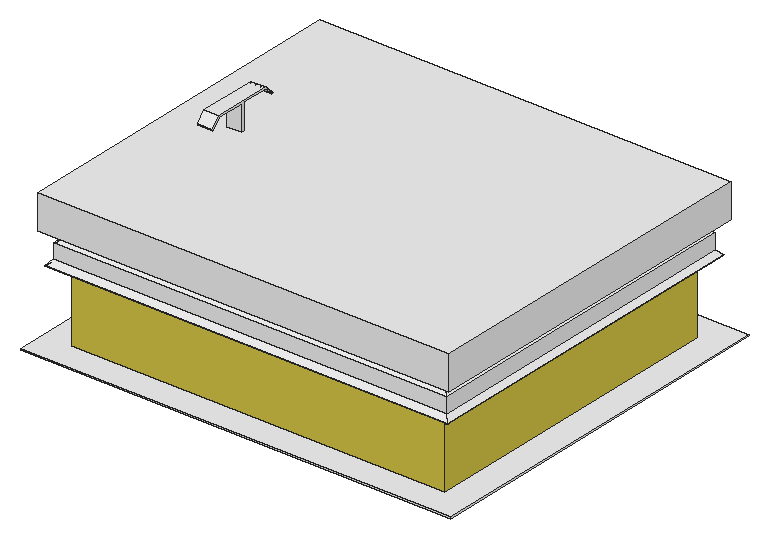
Revit family "Construction_Stairs-Precision_Ladders-Roof_Hatch-V1", category Specialty Equipment, host Face, Revit 2019
Family settings
  Host = Face
  Round Connector Dimension = Use Diameter
  Part Type = Normal
  OmniClass Number = 23.30.10.27.24
  OmniClass Title = Roof Hatches
  Cut with Voids When Loaded = Yes
  Shared = No
  Room Calculation Point = No
Parameters (values of type "PH-(A) 2’-6” X 3’-0”")
  URL = "http://www.precisionladders.com"
  Product data url = "https://www.bimobject.com/precision_ladders_llc/product/roof-hatches"
  Product Page URL = "http://www.precisionladders.com/products/roof-hatches"
  Opening Width Real = if(Clear Opening Width > Clear Opening Width MAX, Clear Opening Width MAX, if(Clear Opening Width < Clear Opening Width MIN, Clear Opening Width MIN, Clear Opening Width))  # 30"
  Opening Length Real = if(Clear Opening Length > Clear Opening Length MAX, Clear Opening Length MAX, if(Clear Opening Length < Clear Opening Length MIN, Clear Opening Length MIN, Clear Opening Length))  # 36"
  Model Number = "PH-(A) 2’-6” X 3’-0”"
  Model = "Roof Hatches"  # constant formula
  Material = Metal - Precision Ladders LLC - Aluminum - Mill Finish
  Manufacturer = "Precision Ladders, LLC"
  Insulation Material = Insulation -Precision Ladders LLC - Rigid Fiber
  Hatch Offset [instance] = 0"
  Handle on Short Side = if(Clear Opening Length < 48", 1 < 2, 1 > 2)  # yes
  Handle on Long Side = not(Handle on Short Side)  # no
  Description = "Roof Hatch"  # constant formula
  Default Elevation = 0"
  Clear Opening Width MIN = 30"  # constant formula
  Clear Opening Width MAX = 48"  # constant formula
  Clear Opening Width = 30"
  Clear Opening Length MIN = 36"  # constant formula
  Clear Opening Length MAX = 96"  # constant formula
  Clear Opening Length = 36"
Types (11): name | Opening Length Real | Model Number | Material | Handle on Short Side | Handle on Long Side | Clear Opening Length
  (no name) | 36" | "PH-(A) 2’-6” X 3’-0”" | Metal - Precision Ladders LLC - Aluminum - Mill Finish | yes | no | 36"
  PH-(A) 2’-6” X 3’-0” | 36" | "PH-(A) 2’-6” X 3’-0”" | Metal - Precision Ladders LLC - Aluminum - Mill Finish | yes | no | 36"
  PH-(A) 2’-6” X 4’-6” | 54" | "PH-(A) 2’-6” X 4’-6”" | Metal - Precision Ladders LLC - Aluminum - Mill Finish | no | yes | 54"
  PH-(A) 2’-6” X 5’-4” | 64" | "PH-(A) 2’-6” X 5’-4”" | Metal - Precision Ladders LLC - Aluminum - Mill Finish | no | yes | 64"
  PH-(A) 2’-6” X 6’-0” | 72" | "PH-(A) 2’-6” X 6’-0”" | Metal - Precision Ladders LLC - Aluminum - Mill Finish | no | yes | 72"
  PH-(G) 2’-6” X 6’-0” | 72" | "PH-(G) 2’-6” X 6’-0”" | Metal - Precision Ladders LLC - Steel - Galvanized red oxide | no | yes | 72"
  PH-(G) 2’-6” X 5’-4” | 64" | "PH-(G) 2’-6” X 5’-4”" | Metal - Precision Ladders LLC - Steel - Galvanized red oxide | no | yes | 64"
  PH-(G) 2’-6” X 4’-6” | 54" | "PH-(G) 2’-6” X 4’-6”" | Metal - Precision Ladders LLC - Steel - Galvanized red oxide | no | yes | 54"
  PH-(A) Custom Size | 96" | "PH-(A) Custom Size" | Metal - Precision Ladders LLC - Aluminum - Mill Finish | no | yes | 96"
  PH-(G) Custom Size | 96" | "PH-(G) Custom Size" | Metal - Precision Ladders LLC - Steel - Galvanized red oxide | no | yes | 96"
  PH-(G) 2’-6” X 3’-0” | 36" | "PH-(G) 2’-6” X 3’-0”" | Metal - Precision Ladders LLC - Steel - Galvanized red oxide | yes | no | 36"
Reference planes (in)
  plane 1 "Center (Front/Back)": y = 0
  plane 2: z = 0
  plane 3 "Center (Left/Right)": x = 0
  plane 4: x = -18
  plane 5: x = 18
  plane 6: y = 15
  plane 7: y = -15
  plane 8: z = 12
  plane 9: z = 14.25
  plane 10: z = 13.10937
  plane 11: x = -16
  plane 12: x = -14.5
  plane 13: z = 0
  plane 14: y = -13
  plane 15: y = -11.5
Forms (in)
  Extrusion 1, solid, material "Metal - Precision Ladders LLC - Aluminum - Mill Finish" <- "Material"
    sketch origin (0, 0, 0) x (1, 0, 0) y (0, 1, 0)
      loop
        line (-21, 18) -> (-21, -18) -> (21, -18) -> (21, 18) -> (-21, 18)
    from 13.10937 to 14.25
  Sweep 2, solid, material "Metal - Precision Ladders LLC - Aluminum - Mill Finish" <- "Material"
    path in 3D
      loop
        line (-21, 18, 13.10937) -> (21, 18, 13.10937) -> (21, -18, 13.10937) -> (-21, -18, 13.10937) -> (-21, 18, 13.10937)
    profile origin (-21, 0, 13.10937) x (1, 0, 0) y (0, 0, -1)
      loop
        line (0, 0) -> (0.09375, 0) -> (0.09375, 2.18192) -> (0.38903, 2.01144) -> (0.4359, 2.09263) -> (0, 2.3443) -> (0, 0)
  Extrusion 3, solid, material "Metal - Precision Ladders LLC - Aluminum - Mill Finish" <- "Material", visible <- "Handle on Short Side"
    sketch origin (0, 0, 0) x (0, 1, 0) y (0, 0, 1)
      loop
        line (3, 17) -> (-3, 17) -> (-3.88388, 16.11612) -> (-3.7955, 16.02773) -> (-2.94822, 16.875) -> (-0.125, 16.875) -> (-0.125, 14.25) -> (0.125, 14.25) -> (0.125, 16.875) -> (2.94822, 16.875) -> (3.7955, 16.02773) -> (3.88388, 16.11612) -> (3, 17)
    from -16 to -14.5
  Sweep 4, solid, material "Metal - Precision Ladders LLC - Aluminum - Mill Finish" <- "Material"
    path origin (-30.36901, -180, 0) x (-1, 0, 0) y (0, -1, 0)
      loop
        line (-12.36901, -195) -> (-12.36901, -165) -> (-48.36901, -165) -> (-48.36901, -195) -> (-12.36901, -195)
    profile origin (-18, 0, 0) x (1, 0, 0) y (0, 0, 1)
      loop
        line (0, 0) -> (0, 12) -> (-1.625, 12) -> (-1.625, 10.05714) -> (-2.09283, 9.58931) -> (-2.09283, 8.10761) -> (-2.63415, 7.56629) -> (-2.56786, 7.5) -> (-1.99908, 8.06878) -> (-1.99908, 9.55048) -> (-1.53125, 10.01831) -> (-1.53125, 11.90625) -> (-0.09375, 11.90625) -> (-0.09375, 0.09375) -> (-4, 0.09375) -> (-4, 0) -> (0, 0)
  Sweep 5, solid, material "Insulation -Precision Ladders LLC - Rigid Fiber" <- "Insulation Material"
    path origin (-30.36901, -180, 0) x (-1, 0, 0) y (0, -1, 0)
      loop
        line (-12.36901, -195) -> (-12.36901, -165) -> (-48.36901, -165) -> (-48.36901, -195) -> (-12.36901, -195)
    profile origin (-18, 0, 0) x (1, 0, 0) y (0, 0, 1)
      loop
        line (-0.09375, 0.09375) -> (-0.09375, 10.59375) -> (-1.09375, 10.59375) -> (-1.09375, 0.09375) -> (-0.09375, 0.09375)
  Extrusion 6, void
    sketch origin (-30.36901, -180, 0) x (-1, 0, 0) y (0, -1, 0)
      loop
        line (-12.36901, -195) -> (-12.36901, -165) -> (-48.36901, -165) -> (-48.36901, -195) -> (-12.36901, -195)
    from -35.03999 to 19.55901
  Extrusion 7, solid, material "Metal - Precision Ladders LLC - Aluminum - Mill Finish" <- "Material", visible <- "Handle on Long Side"
    sketch origin (0, 0, 0) x (1, 0, 0) y (0, 0, 1)
      loop
        line (-3, 17) -> (-3.88388, 16.11612) -> (-3.7955, 16.02773) -> (-2.94822, 16.875) -> (-0.125, 16.875) -> (-0.125, 14.25) -> (0.125, 14.25) -> (0.125, 16.875) -> (2.94822, 16.875) -> (3.7955, 16.02773) -> (3.88388, 16.11612) -> (3, 17) -> (-3, 17)
    from 11.5 to 13
Cuts and joins
  joined: Extrusion 1, Sweep 2
Lines and regions (in)
  Masking region 1
    outline origin (-30.36901, -180, 0) x (-1, 0, 0) y (0, -1, 0)
      loop
        line (-8.36901, -199) -> (-8.36901, -161) -> (-52.36901, -161) -> (-52.36901, -199) -> (-8.36901, -199)
  Masking region 2, visible <- "Handle on Short Side"
    outline origin (-30.36901, -180, 0) x (-1, 0, 0) y (0, -1, 0)
      loop
        line (-14.36901, -183.88388) -> (-14.36901, -176.11612) -> (-15.86901, -176.11612) -> (-15.86901, -183.88388) -> (-14.36901, -183.88388)
  Masking region 3
    outline origin (-30.36901, -180, 0) x (-1, 0, 0) y (0, -1, 0)
      loop
        line (-9.36901, -198) -> (-9.36901, -162) -> (-51.36901, -162) -> (-51.36901, -198) -> (-9.36901, -198)
  Masking region 4, visible <- "Handle on Long Side"
    outline origin (-30.36901, -180, 0) x (-1, 0, 0) y (0, -1, 0)
      loop
        line (-26.48513, -168.5) -> (-26.48513, -167) -> (-34.25289, -167) -> (-34.25289, -168.5) -> (-26.48513, -168.5)
  sketch lines
    curve 1: line (-21, -18, 13.10937) -> (-21, 18, 13.10937)
    curve 2: line (-21, 18, 13.10937) -> (21, 18, 13.10937)
    curve 3: line (21, 18, 13.10937) -> (21, -18, 13.10937)
    curve 4: line (21, -18, 13.10937) -> (-21, -18, 13.10937)
Dimensions and locks (in)
  "Opening Length Real": plane 4 to plane 5
  equal spacing: plane 4, plane 3 "Center (Left/Right)", plane 5
  equal spacing: plane 6, plane 1 "Center (Front/Back)", plane 7
  "Opening Width Real": plane 6 to plane 7
  locked: Extrusion 1 sketch curve to plane 4 at 3
  locked: plane 7 to Extrusion 1 sketch curve at 3
  locked: Extrusion 1 sketch curve to plane 6 at 3
  locked: plane 5 to Extrusion 1 sketch curve at 3
  locked: plane 9 to plane 8 at 2.25
  locked: plane 9 to plane 10 at 1.14062
  locked: plane 4 to plane 11 at 2
  locked: plane 11 to plane 12 at 1.5
  locked: plane 8 to plane 13 at 12
  "Hatch Offset": level to plane 13
  locked: plane 14 to plane 7 at 2
  locked: plane 15 to plane 14 at 1.5
  aligned and locked: host face to plane 2
  aligned and locked: host face to level
  aligned and locked: Extrusion 1 to plane 10
  aligned and locked: plane 9 to Extrusion 1
  aligned and locked: Extrusion 3 to plane 11
  aligned and locked: plane 12 to Extrusion 3
  aligned and locked: Sweep 4 sketch curve to plane 4
  aligned and locked: Sweep 4 sketch curve to plane 6
  aligned and locked: Sweep 4 sketch curve to plane 5
  aligned and locked: Sweep 4 sketch curve to plane 7
  aligned and locked: Sweep 5 sketch curve to plane 4
  aligned and locked: Sweep 5 sketch curve to plane 6
  aligned and locked: Sweep 5 sketch curve to plane 5
  aligned and locked: Sweep 5 sketch curve to plane 7
  aligned and locked: plane 4 to Extrusion 6 sketch curve
  aligned and locked: Extrusion 6 sketch curve to plane 6
  aligned and locked: Extrusion 6 sketch curve to plane 5
  aligned and locked: plane 7 to Extrusion 6 sketch curve
  aligned and locked: Masking region 1 sketch curve to Sweep 4  (x4)
  aligned and locked: Masking region 2 sketch curve to Extrusion 3  (x4)
  aligned and locked: Masking region 3 sketch curve to cut or joined group of Extrusion 1, Sweep 2  (x4)
  aligned and locked: Extrusion 7 to plane 14
  aligned and locked: plane 15 to Extrusion 7
  aligned and locked: Masking region 4 sketch curve to Extrusion 7  (x4)
Automatic sketch dimensions
  host sketch curve to host sketch curve = 126.89321"
  host sketch curve to host sketch curve = 96"
  profile plane to Sweep 2 sketch curve = 0"
  Sweep 2 sketch curve to profile plane = 0"
  Sweep 2 sketch curve to profile plane = 3/32"
  Sweep 2 sketch curve to Sweep 2 sketch curve = 0.29528"
  Sweep 2 sketch curve to Sweep 2 sketch curve = 3/64"
  profile plane to Sweep 2 sketch curve = 2.01144"
  Sweep 2 sketch curve to Sweep 2 sketch curve = 0.08119"
  plane 1 "Center (Front/Back)" to Extrusion 3 sketch curve = 3.88388"
  Extrusion 3 sketch curve to Extrusion 3 sketch curve = 0.08839"  (x3)
  Extrusion 3 sketch curve to Extrusion 3 sketch curve = 0.88388"
  Extrusion 3 sketch curve to Extrusion 3 sketch curve = 0.05178"  (x2)
  plane 1 "Center (Front/Back)" to Extrusion 3 sketch curve = 1/8"
  Extrusion 3 sketch curve to Extrusion 3 sketch curve = 1/4"
  Extrusion 3 sketch curve to Extrusion 3 sketch curve = 2.82322"
  Extrusion 3 sketch curve to Extrusion 3 sketch curve = 0.84727"
  plane 9 to Extrusion 3 sketch curve = 0"
  plane 9 to Extrusion 3 sketch curve = 1.77773"  (x2)
  plane 13 to Sweep 4 sketch curve = 0"
  profile plane to Sweep 4 sketch curve = 4"
  Sweep 4 sketch curve to Sweep 4 sketch curve = 1.36585"
  Sweep 4 sketch curve to Sweep 4 sketch curve = 0.06629"  (x2)
  Sweep 4 sketch curve to Sweep 4 sketch curve = 0.54132"
  Sweep 4 sketch curve to Sweep 4 sketch curve = 3/32"  (x4)
  Sweep 4 sketch curve to Sweep 4 sketch curve = 0.37408"
  plane 13 to Sweep 4 sketch curve = 3/32"
  Sweep 4 sketch curve to Sweep 4 sketch curve = 3 29/32"
  Sweep 4 sketch curve to Sweep 4 sketch curve = 7 13/32"
  Sweep 4 sketch curve to Sweep 4 sketch curve = 1.44286"
  Sweep 4 sketch curve to Sweep 4 sketch curve = 0.03883"  (x2)
  Sweep 4 sketch curve to Sweep 4 sketch curve = 0.46783"
  Sweep 4 sketch curve to Sweep 4 sketch curve = 1.88794"
  plane 13 to Sweep 5 sketch curve = 3/32"
  profile plane to Sweep 5 sketch curve = 1 3/32"
  Sweep 5 sketch curve to Sweep 5 sketch curve = 1"
  Sweep 5 sketch curve to Sweep 5 sketch curve = 10 1/2"
  Extrusion 7 sketch curve to plane 3 "Center (Left/Right)" = 3.88388"
  Extrusion 7 sketch curve to Extrusion 7 sketch curve = 0.08839"  (x3)
  Extrusion 7 sketch curve to Extrusion 7 sketch curve = 0.88388"
  Extrusion 7 sketch curve to Extrusion 7 sketch curve = 0.05178"  (x2)
  Extrusion 7 sketch curve to Extrusion 7 sketch curve = 2.82322"  (x2)
  Extrusion 7 sketch curve to Extrusion 7 sketch curve = 1/4"
  Extrusion 7 sketch curve to Extrusion 7 sketch curve = 0.84727"
  plane 9 to Extrusion 7 sketch curve = 0"
  Extrusion 7 sketch curve to Extrusion 7 sketch curve = 1.77773"  (x2)
